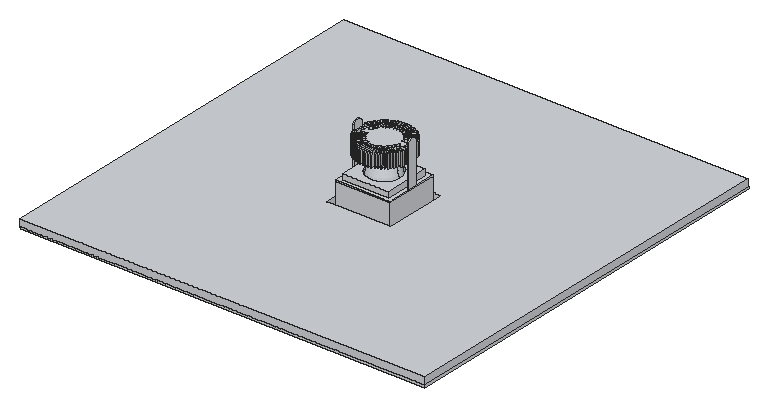
Revit family "Trimless-Square-X80", category Lighting Fixtures, Revit 2014
Parameters (values of type "Trimless Square X80")
  Wattage Comments = "19.5"
  Wattage = 8.3 W
  built-in parameter 1150110 = 1 (stored number, unit not read)
  Type Comments = "Recessed"
  Type = "Recessed Downlighter"
  built-in parameter 1114217 = 1 (stored number, unit not read)
  Tilt Angle = 90.00°
  built-in parameter 1150109 = 1 (stored number, unit not read)
  built-in parameter 1150134 = (empty or 0)
  built-in parameter 1150113 = 1 (stored number, unit not read)
  Photometric Web File = "G2064.ies"
  Dimension (mm) = "80 x 80"
  Model = "Trimless Square X80"
  Manufacturer = "Designed Architectural Lighting"
  Luminous flux of luminaire (lm) = "Up to 2000 lumens"
  Lumens = 1049.95 lm
  built-in parameter 1150115 = 1 (stored number, unit not read)
  built-in parameter 1150105 = 83.552 (stored number, unit not read)
  built-in parameter 1150137 = (empty or 0)
  built-in parameter 1150139 = (empty or 0)
  built-in parameter 1150112 = 1 (stored number, unit not read)
  built-in parameter 1150114 = 1 (stored number, unit not read)
  Lamp = "LED"
  built-in parameter 1150132 = (empty or 0)
  built-in parameter 1150102 = (empty or 0)
  built-in parameter 1150138 = (empty or 0)
  built-in parameter 1150107 = 3000 (stored number, unit not read)
  built-in parameter 1150106 = 0.83552 (stored number, unit not read)
  Height (mm) = "106"
  built-in parameter 1150104 = 11.752 (stored number, unit not read)
  Dimming Lamp Color Temperature Shift = <None>
  Description = "Recessed Trimless LED square downlighter"
  Cut Out (mm) = "95 x 95"
  Colour temperature (K) = "2700 / 3000/ 3500 / 4000"
  Color Filter = 16777215
  CRI = "80"
  built-in parameter 1114218 = 1 (stored number, unit not read)
  built-in parameter 1150133 = 10 (stored number, unit not read)
  Apparent Load = 19.5 VA
  Aperture (mm) = "80 x 80"
Reference planes
  plane 1 "Light Source Axis (F/B)": y = 0
  plane 2: z = 0
  plane 3 "Light Source Axis (L/R)": x = 0
  plane 4 "Light Source Elevation": z = 0
Forms (mm)
  Extrusion 1, solid
    sketch origin (0, 0, 0) x (1, 0, 0) y (0, 1, 0)
      loop
        line (-39.798, 40) -> (-39.798, -40.213) -> (39.884, -40.213) -> (39.884, 40) -> (-39.798, 40)
      loop
        line (-37.877, 38.063) -> (-37.877, -38.256) -> (37.85, -38.256) -> (37.85, 38.063) -> (-37.877, 38.063)
    from 0 to 39.72
  Extrusion 2, solid
    sketch origin (77.864, 1.33, 0) x (1, 0, 0) y (0, 1, 0)
      loop
        line (-40.014, 7.888) -> (-40.014, -5.776) -> (-37.98, -5.776) -> (-37.98, 7.888) -> (-40.014, 7.888)
    from 41.914 to 106.994
  Extrusion 3, void
    sketch origin (0, 2.077, 0.98) x (0, 1, 0) y (0, 0, 1)
      loop
        line (7.756, 98.378) -> (8.702, 98.378) -> (9.094, 105.848) -> (9.094, 107.291) -> (-7.99, 107.291) -> (-7.99, 100.73) -> (-7.36, 98.378)
        arc (-7.36, 98.378) -> (0.198, 105.935) -> (7.756, 98.378) r 7.558
    from 36.907 to 41.154
  Extrusion 4, solid
    sketch origin (-0.079, -0.545, 0) x (1, 0, 0) y (0, 1, 0)
      loop
        line (-39.719, 6.104) -> (-39.719, -7.399) -> (-37.798, -7.399) -> (-37.798, 6.104) -> (-39.719, 6.104)
    from 41.914 to 106.994
  Extrusion 5, void
    sketch origin (-76.006, -1.476, 0.856) x (0, 1, 0) y (0, 0, 1)
      loop
        line (7.756, 98.378) -> (8.122, 100.419) -> (8.122, 107.291) -> (-7.99, 107.291) -> (-7.99, 100.73) -> (-7.36, 98.378)
        arc (-7.36, 98.378) -> (0.198, 105.935) -> (7.756, 98.378) r 7.558
    from 35.2 to 39.278
  Extrusion 6, solid
    sketch origin (-17.5, -62.5, 0) x (1, 0, 0) y (0, 1, 0)
      loop
        line (-282.765, 362.833) -> (-282.765, -237.167) -> (317.235, -237.167) -> (317.235, 362.833) -> (-282.765, 362.833)
      loop
        line (-30.06, 110.675) -> (-30.06, 14.777) -> (64.88, 14.777) -> (64.88, 110.675) -> (-30.06, 110.675)
    from 3.099 to 13.747
  Revolve 7, solid
    sketch origin (0, 0, 0) x (1, 0, 0) y (0, 0, 1)
      loop
        line (24.699, 76.005) -> (0, 76.005) -> (0, 70.593) -> (24.699, 70.593) -> (24.699, 76.005)
      axis (0, 76.005) -> (0, 70.593)
    angle from 0 to 360
  Extrusion 8, solid
    sketch origin (-0.146, 0.745, -0.001) x (0.999137, 0.041546, 0) y (-0.041546, 0.999137, 0)
      loop
        line (8.036, -21.346) -> (9.763, -25.224)
        arc (9.763, -25.224) -> (9.158, -26.377) -> (9.105, -27.677) r 2.965
        line (9.105, -27.677) -> (12.96, -37.219)
        arc (12.96, -37.219) -> (13.673, -37.522) -> (13.976, -36.809) r 0.548
        line (13.976, -36.809) -> (10.23, -27.537)
        arc (10.23, -27.537) -> (10.843, -26.092) -> (12.288, -26.705) r 1.11
        line (12.288, -26.705) -> (16.28, -35.672)
        arc (16.28, -35.672) -> (17.02, -35.956) -> (17.304, -35.216) r 0.56
        line (17.304, -35.216) -> (13.182, -25.959)
        arc (13.182, -25.959) -> (12.31, -24.958) -> (11.028, -24.618) r 2.262
        line (11.028, -24.618) -> (9.403, -20.596) -> (11.989, -19.445) -> (14.463, -22.849)
        arc (14.463, -22.849) -> (14.111, -24.102) -> (14.33, -25.385) r 2.965
        line (14.33, -25.385) -> (20.084, -33.917)
        arc (20.084, -33.917) -> (20.845, -34.065) -> (20.992, -33.305) r 0.548
        line (20.992, -33.305) -> (15.4, -25.014)
        arc (15.4, -25.014) -> (15.7, -23.474) -> (17.241, -23.773) r 1.11
        line (17.241, -23.773) -> (23.009, -31.713)
        arc (23.009, -31.713) -> (23.792, -31.837) -> (23.916, -31.055) r 0.56
        line (23.916, -31.055) -> (17.96, -22.857)
        arc (17.96, -22.857) -> (16.899, -22.059) -> (15.574, -21.994) r 2.262
        line (15.574, -21.994) -> (13.148, -18.397) -> (15.119, -16.427) -> (18.389, -19.585)
        arc (18.389, -19.585) -> (18.26, -20.88) -> (18.699, -22.105) r 2.965
        line (18.699, -22.105) -> (25.847, -29.508)
        arc (25.847, -29.508) -> (26.622, -29.522) -> (26.635, -28.747) r 0.548
        line (26.635, -28.747) -> (19.689, -21.554)
        arc (19.689, -21.554) -> (19.716, -19.985) -> (21.285, -20.012) r 1.11
        line (21.285, -20.012) -> (28.346, -26.83)
        arc (28.346, -26.83) -> (29.138, -26.816) -> (29.124, -26.024) r 0.56
        line (29.124, -26.024) -> (21.835, -18.985)
        arc (21.835, -18.985) -> (20.652, -18.383) -> (19.335, -18.549) r 2.262
        line (19.335, -18.549) -> (16.322, -15.429) -> (18.148, -13.304) -> (21.857, -15.622)
        arc (21.857, -15.622) -> (22.001, -16.916) -> (22.684, -18.023) r 2.965
        line (22.684, -18.023) -> (31.216, -23.778)
        arc (31.216, -23.778) -> (31.976, -23.63) -> (31.828, -22.87) r 0.548
        line (31.828, -22.87) -> (23.538, -17.278)
        arc (23.538, -17.278) -> (23.238, -15.737) -> (24.779, -15.438) r 1.11
        line (24.779, -15.438) -> (33.102, -20.639)
        arc (33.102, -20.639) -> (33.874, -20.461) -> (33.696, -19.689) r 0.56
        line (33.696, -19.689) -> (25.103, -14.319)
        arc (25.103, -14.319) -> (23.821, -13.977) -> (22.567, -14.412) r 2.262
        line (22.567, -14.412) -> (18.971, -11.987) -> (20.87, -9.394) -> (24.954, -10.962)
        arc (24.954, -10.962) -> (25.341, -12.204) -> (26.224, -13.161) r 2.965
        line (26.224, -13.161) -> (35.697, -17.182)
        arc (35.697, -17.182) -> (36.415, -16.892) -> (36.125, -16.174) r 0.548
        line (36.125, -16.174) -> (26.92, -12.267)
        arc (26.92, -12.267) -> (26.332, -10.811) -> (27.787, -10.224) r 1.11
        line (27.787, -10.224) -> (36.95, -13.741)
        arc (36.95, -13.741) -> (37.673, -13.419) -> (37.351, -12.695) r 0.56
        line (37.351, -12.695) -> (27.891, -9.063)
        arc (27.891, -9.063) -> (26.567, -8.972) -> (25.42, -9.639) r 2.262
        line (25.42, -9.639) -> (21.427, -7.944) -> (22.262, -3.209) -> (24.741, -3.209)
        arc (24.741, -3.209) -> (29.592, -5.948) -> (34.984, -7.347) r 21.462
        line (34.984, -7.347) -> (36.065, -8.428) -> (39.133, -8.428) -> (39.133, -7.36) -> (36.601, -7.36) -> (36.601, 7.64) -> (39.186, 7.64) -> (39.186, 8.514) -> (36.351, 8.514) -> (34.984, 7.592) -> (34.984, -2.408)
        arc (34.984, -2.408) -> (34.341, -3.853) -> (32.76, -3.798) r 1.415
        line (32.76, -3.798) -> (31.024, -2.537) -> (31.024, 3.409) -> (22.339, 3.409) -> (21.555, 7.853) -> (25.597, 9.568)
        arc (25.597, 9.568) -> (26.744, 8.901) -> (28.067, 8.992) r 2.262
        line (28.067, 8.992) -> (37.528, 12.624)
        arc (37.528, 12.624) -> (37.85, 13.348) -> (37.126, 13.67) r 0.56
        line (37.126, 13.67) -> (27.963, 10.153)
        arc (27.963, 10.153) -> (26.508, 10.741) -> (27.096, 12.196) r 1.11
        line (27.096, 12.196) -> (36.301, 16.103)
        arc (36.301, 16.103) -> (36.591, 16.821) -> (35.873, 17.111) r 0.548
        line (35.873, 17.111) -> (26.4, 13.09)
        arc (26.4, 13.09) -> (25.518, 12.133) -> (25.13, 10.891) r 2.965
        line (25.13, 10.891) -> (21.047, 9.323) -> (19.147, 11.916) -> (22.744, 14.341)
        arc (22.744, 14.341) -> (23.997, 13.906) -> (25.279, 14.248) r 2.262
        line (25.279, 14.248) -> (33.873, 19.618)
        arc (33.873, 19.618) -> (34.051, 20.39) -> (33.279, 20.568) r 0.56
        line (33.279, 20.568) -> (24.955, 15.367)
        arc (24.955, 15.367) -> (23.415, 15.666) -> (23.714, 17.207) r 1.11
        line (23.714, 17.207) -> (32.005, 22.799)
        arc (32.005, 22.799) -> (32.152, 23.559) -> (31.392, 23.707) r 0.548
        line (31.392, 23.707) -> (22.861, 17.952)
        arc (22.861, 17.952) -> (22.177, 16.845) -> (22.034, 15.551) r 2.965
        line (22.034, 15.551) -> (18.324, 13.233) -> (16.498, 15.358) -> (19.512, 18.478)
        arc (19.512, 18.478) -> (20.828, 18.312) -> (22.011, 18.914) r 2.262
        line (22.011, 18.914) -> (29.3, 25.953)
        arc (29.3, 25.953) -> (29.314, 26.745) -> (28.522, 26.759) r 0.56
        line (28.522, 26.759) -> (21.462, 19.941)
        arc (21.462, 19.941) -> (19.893, 19.914) -> (19.865, 21.483) r 1.11
        line (19.865, 21.483) -> (26.812, 28.676)
        arc (26.812, 28.676) -> (26.798, 29.451) -> (26.024, 29.437) r 0.548
        line (26.024, 29.437) -> (18.875, 22.034)
        arc (18.875, 22.034) -> (18.437, 20.809) -> (18.566, 19.514) r 2.965
        line (18.566, 19.514) -> (15.419, 16.475) -> (13.325, 18.326) -> (15.751, 21.923)
        arc (15.751, 21.923) -> (17.076, 21.988) -> (18.136, 22.786) r 2.262
        line (18.136, 22.786) -> (24.092, 30.984)
        arc (24.092, 30.984) -> (23.969, 31.766) -> (23.186, 31.642) r 0.56
        line (23.186, 31.642) -> (17.417, 23.702)
        arc (17.417, 23.702) -> (15.876, 23.403) -> (15.577, 24.943) r 1.11
        line (15.577, 24.943) -> (21.169, 33.234)
        arc (21.169, 33.234) -> (21.021, 33.994) -> (20.261, 33.846) r 0.548
        line (20.261, 33.846) -> (14.506, 25.315)
        arc (14.506, 25.315) -> (14.287, 24.031) -> (14.639, 22.778) r 2.965
        line (14.639, 22.778) -> (12.068, 19.24) -> (9.579, 20.525) -> (11.204, 24.548)
        arc (11.204, 24.548) -> (12.487, 24.887) -> (13.358, 25.888) r 2.262
        line (13.358, 25.888) -> (17.48, 35.145)
        arc (17.48, 35.145) -> (17.196, 35.885) -> (16.456, 35.601) r 0.56
        line (16.456, 35.601) -> (12.464, 26.634)
        arc (12.464, 26.634) -> (11.02, 26.021) -> (10.406, 27.466) r 1.11
        line (10.406, 27.466) -> (14.152, 36.738)
        arc (14.152, 36.738) -> (13.85, 37.451) -> (13.137, 37.148) r 0.548
        line (13.137, 37.148) -> (9.282, 27.606)
        arc (9.282, 27.606) -> (9.334, 26.306) -> (9.939, 25.153) r 2.965
        line (9.939, 25.153) -> (8.16, 21.157) -> (5.456, 21.949) -> (6.209, 26.222)
        arc (6.209, 26.222) -> (7.393, 26.82) -> (8.038, 27.98) r 2.262
        line (8.038, 27.98) -> (10.144, 37.892)
        arc (10.144, 37.892) -> (9.713, 38.557) -> (9.048, 38.125) r 0.56
        line (9.048, 38.125) -> (7.008, 28.525)
        arc (7.008, 28.525) -> (5.722, 27.625) -> (4.822, 28.91) r 1.11
        line (4.822, 28.91) -> (6.558, 38.758)
        arc (6.558, 38.758) -> (6.114, 39.393) -> (5.48, 38.949) r 0.548
        line (5.48, 38.949) -> (3.693, 28.814)
        arc (3.693, 28.814) -> (4.015, 27.553) -> (4.846, 26.551) r 2.965
        line (4.846, 26.551) -> (3.936, 22.272) -> (0.629, 22.571) -> (0.629, 26.945)
        arc (0.629, 26.945) -> (1.65, 27.752) -> (2.227, 28.919) r 2.965
        line (2.227, 28.919) -> (2.586, 39.204)
        arc (2.586, 39.204) -> (2.058, 39.77) -> (1.492, 39.242) r 0.548
        line (1.492, 39.242) -> (1.143, 29.248)
        arc (1.143, 29.248) -> (-0.005, 28.178) -> (-1.076, 29.325) r 1.11
        line (-1.076, 29.325) -> (-1.076, 39.14)
        arc (-1.076, 39.14) -> (-1.636, 39.7) -> (-2.196, 39.14) r 0.56
        line (-2.196, 39.14) -> (-2.196, 29.007)
        arc (-2.196, 29.007) -> (-1.807, 27.738) -> (-0.773, 26.906) r 2.262
        line (-0.773, 26.906) -> (-0.925, 22.571) -> (-3.664, 22.35) -> (-4.573, 26.629)
        arc (-4.573, 26.629) -> (-3.742, 27.631) -> (-3.42, 28.892) r 2.965
        line (-3.42, 28.892) -> (-5.207, 39.026)
        arc (-5.207, 39.026) -> (-5.842, 39.471) -> (-6.286, 38.836) r 0.548
        line (-6.286, 38.836) -> (-4.55, 28.988)
        arc (-4.55, 28.988) -> (-5.45, 27.703) -> (-6.735, 28.603) r 1.11
        line (-6.735, 28.603) -> (-8.776, 38.203)
        arc (-8.776, 38.203) -> (-9.441, 38.635) -> (-9.872, 37.97) r 0.56
        line (-9.872, 37.97) -> (-7.765, 28.058)
        arc (-7.765, 28.058) -> (-7.121, 26.898) -> (-5.937, 26.3) r 2.262
        line (-5.937, 26.3) -> (-5.184, 22.027) -> (-7.888, 21.235) -> (-9.667, 25.231)
        arc (-9.667, 25.231) -> (-9.062, 26.384) -> (-9.009, 27.684) r 2.965
        line (-9.009, 27.684) -> (-12.864, 37.226)
        arc (-12.864, 37.226) -> (-13.577, 37.529) -> (-13.88, 36.816) r 0.548
        line (-13.88, 36.816) -> (-10.134, 27.544)
        arc (-10.134, 27.544) -> (-10.747, 26.099) -> (-12.192, 26.712) r 1.11
        line (-12.192, 26.712) -> (-16.184, 35.679)
        arc (-16.184, 35.679) -> (-16.924, 35.963) -> (-17.208, 35.223) r 0.56
        line (-17.208, 35.223) -> (-13.086, 25.966)
        arc (-13.086, 25.966) -> (-12.215, 24.965) -> (-10.932, 24.625) r 2.262
        line (-10.932, 24.625) -> (-9.307, 20.603) -> (-11.796, 19.318) -> (-14.367, 22.856)
        arc (-14.367, 22.856) -> (-14.015, 24.109) -> (-14.234, 25.393) r 2.965
        line (-14.234, 25.393) -> (-19.988, 33.924)
        arc (-19.988, 33.924) -> (-20.749, 34.072) -> (-20.897, 33.312) r 0.548
        line (-20.897, 33.312) -> (-15.305, 25.021)
        arc (-15.305, 25.021) -> (-15.604, 23.481) -> (-17.145, 23.78) r 1.11
        line (-17.145, 23.78) -> (-22.914, 31.72)
        arc (-22.914, 31.72) -> (-23.696, 31.844) -> (-23.82, 31.062) r 0.56
        line (-23.82, 31.062) -> (-17.864, 22.864)
        arc (-17.864, 22.864) -> (-16.804, 22.066) -> (-15.478, 22.001) r 2.262
        line (-15.478, 22.001) -> (-13.053, 18.404) -> (-15.147, 16.553) -> (-18.293, 19.592)
        arc (-18.293, 19.592) -> (-18.165, 20.887) -> (-18.603, 22.112) r 2.965
        line (-18.603, 22.112) -> (-25.752, 29.515)
        arc (-25.752, 29.515) -> (-26.526, 29.529) -> (-26.54, 28.754) r 0.548
        line (-26.54, 28.754) -> (-19.593, 21.561)
        arc (-19.593, 21.561) -> (-19.62, 19.992) -> (-21.19, 20.019) r 1.11
        line (-21.19, 20.019) -> (-28.25, 26.837)
        arc (-28.25, 26.837) -> (-29.042, 26.823) -> (-29.028, 26.031) r 0.56
        line (-29.028, 26.031) -> (-21.739, 18.992)
        arc (-21.739, 18.992) -> (-20.556, 18.39) -> (-19.24, 18.556) r 2.262
        line (-19.24, 18.556) -> (-16.226, 15.436) -> (-18.052, 13.311) -> (-21.761, 15.629)
        arc (-21.761, 15.629) -> (-21.905, 16.923) -> (-22.588, 18.03) r 2.965
        line (-22.588, 18.03) -> (-31.12, 23.785)
        arc (-31.12, 23.785) -> (-31.88, 23.637) -> (-31.732, 22.877) r 0.548
        line (-31.732, 22.877) -> (-23.442, 17.285)
        arc (-23.442, 17.285) -> (-23.143, 15.744) -> (-24.683, 15.445) r 1.11
        line (-24.683, 15.445) -> (-33.007, 20.646)
        arc (-33.007, 20.646) -> (-33.779, 20.468) -> (-33.6, 19.696) r 0.56
        line (-33.6, 19.696) -> (-25.007, 14.326)
        arc (-25.007, 14.326) -> (-23.725, 13.984) -> (-22.472, 14.419) r 2.262
        line (-22.472, 14.419) -> (-18.979, 12.063) -> (-20.774, 9.401) -> (-24.858, 10.969)
        arc (-24.858, 10.969) -> (-25.245, 12.211) -> (-26.128, 13.168) r 2.965
        line (-26.128, 13.168) -> (-35.601, 17.189)
        arc (-35.601, 17.189) -> (-36.319, 16.899) -> (-36.029, 16.181) r 0.548
        line (-36.029, 16.181) -> (-26.824, 12.274)
        arc (-26.824, 12.274) -> (-26.236, 10.819) -> (-27.691, 10.231) r 1.11
        line (-27.691, 10.231) -> (-36.854, 13.748)
        arc (-36.854, 13.748) -> (-37.578, 13.426) -> (-37.255, 12.702) r 0.56
        line (-37.255, 12.702) -> (-27.795, 9.07)
        arc (-27.795, 9.07) -> (-26.471, 8.979) -> (-25.324, 9.646) r 2.262
        line (-25.324, 9.646) -> (-21.289, 7.933) -> (-22.142, 3.096) -> (-24.544, 3.096)
        arc (-24.544, 3.096) -> (-29.395, 5.836) -> (-34.788, 7.235) r 21.462
        line (-34.788, 7.235) -> (-35.869, 8.316) -> (-38.936, 8.316) -> (-38.936, 7.247) -> (-36.404, 7.247) -> (-36.404, -7.753) -> (-38.989, -7.753) -> (-38.989, -8.626) -> (-36.154, -8.626) -> (-34.788, -7.705) -> (-34.788, 2.295)
        arc (-34.788, 2.295) -> (-34.144, 3.741) -> (-32.563, 3.686) r 1.415
        line (-32.563, 3.686) -> (-30.827, 2.424) -> (-30.827, -3.521) -> (-22.142, -3.521) -> (-21.155, -7.866) -> (-25.148, -9.561)
        arc (-25.148, -9.561) -> (-26.295, -8.894) -> (-27.619, -8.985) r 2.262
        line (-27.619, -8.985) -> (-37.079, -12.617)
        arc (-37.079, -12.617) -> (-37.401, -13.341) -> (-36.677, -13.663) r 0.56
        line (-36.677, -13.663) -> (-27.514, -10.146)
        arc (-27.514, -10.146) -> (-26.059, -10.734) -> (-26.647, -12.189) r 1.11
        line (-26.647, -12.189) -> (-35.852, -16.096)
        arc (-35.852, -16.096) -> (-36.142, -16.814) -> (-35.424, -17.104) r 0.548
        line (-35.424, -17.104) -> (-25.951, -13.083)
        arc (-25.951, -13.083) -> (-25.069, -12.126) -> (-24.681, -10.884) r 2.965
        line (-24.681, -10.884) -> (-20.598, -9.316) -> (-18.802, -11.978) -> (-22.295, -14.334)
        arc (-22.295, -14.334) -> (-23.548, -13.899) -> (-24.83, -14.241) r 2.262
        line (-24.83, -14.241) -> (-33.424, -19.611)
        arc (-33.424, -19.611) -> (-33.602, -20.383) -> (-32.83, -20.561) r 0.56
        line (-32.83, -20.561) -> (-24.507, -15.36)
        arc (-24.507, -15.36) -> (-22.966, -15.659) -> (-23.266, -17.2) r 1.11
        line (-23.266, -17.2) -> (-31.556, -22.792)
        arc (-31.556, -22.792) -> (-31.704, -23.552) -> (-30.943, -23.7) r 0.548
        line (-30.943, -23.7) -> (-22.412, -17.945)
        arc (-22.412, -17.945) -> (-21.728, -16.838) -> (-21.585, -15.544) r 2.965
        line (-21.585, -15.544) -> (-17.876, -13.226) -> (-16.05, -15.351) -> (-19.063, -18.471)
        arc (-19.063, -18.471) -> (-20.38, -18.305) -> (-21.562, -18.907) r 2.262
        line (-21.562, -18.907) -> (-28.852, -25.946)
        arc (-28.852, -25.946) -> (-28.866, -26.738) -> (-28.073, -26.752) r 0.56
        line (-28.073, -26.752) -> (-21.013, -19.934)
        arc (-21.013, -19.934) -> (-19.444, -19.907) -> (-19.417, -21.476) r 1.11
        line (-19.417, -21.476) -> (-26.363, -28.669)
        arc (-26.363, -28.669) -> (-26.35, -29.444) -> (-25.575, -29.43) r 0.548
        line (-25.575, -29.43) -> (-18.426, -22.027)
        arc (-18.426, -22.027) -> (-17.988, -20.802) -> (-18.117, -19.507) r 2.965
        line (-18.117, -19.507) -> (-14.971, -16.468) -> (-12.876, -18.319) -> (-15.302, -21.916)
        arc (-15.302, -21.916) -> (-16.627, -21.981) -> (-17.688, -22.779) r 2.262
        line (-17.688, -22.779) -> (-23.644, -30.977)
        arc (-23.644, -30.977) -> (-23.52, -31.759) -> (-22.737, -31.635) r 0.56
        line (-22.737, -31.635) -> (-16.968, -23.695)
        arc (-16.968, -23.695) -> (-15.428, -23.396) -> (-15.128, -24.936) r 1.11
        line (-15.128, -24.936) -> (-20.72, -33.227)
        arc (-20.72, -33.227) -> (-20.572, -33.987) -> (-19.812, -33.839) r 0.548
        line (-19.812, -33.839) -> (-14.057, -25.308)
        arc (-14.057, -25.308) -> (-13.838, -24.024) -> (-14.19, -22.771) r 2.965
        line (-14.19, -22.771) -> (-11.619, -19.233) -> (-9.13, -20.518) -> (-10.756, -24.541)
        arc (-10.756, -24.541) -> (-12.038, -24.88) -> (-12.91, -25.881) r 2.262
        line (-12.91, -25.881) -> (-17.031, -35.138)
        arc (-17.031, -35.138) -> (-16.747, -35.878) -> (-16.008, -35.594) r 0.56
        line (-16.008, -35.594) -> (-12.016, -26.627)
        arc (-12.016, -26.627) -> (-10.571, -26.014) -> (-9.958, -27.459) r 1.11
        line (-9.958, -27.459) -> (-13.704, -36.731)
        arc (-13.704, -36.731) -> (-13.401, -37.444) -> (-12.688, -37.141) r 0.548
        line (-12.688, -37.141) -> (-8.833, -27.599)
        arc (-8.833, -27.599) -> (-8.886, -26.299) -> (-9.49, -25.146) r 2.965
        line (-9.49, -25.146) -> (-7.711, -21.15) -> (-5.621, -22.23) -> (-6.224, -26.518)
        arc (-6.224, -26.518) -> (-7.386, -27.158) -> (-7.99, -28.34) r 2.262
        line (-7.99, -28.34) -> (-9.749, -38.319)
        arc (-9.749, -38.319) -> (-9.295, -38.968) -> (-8.646, -38.514) r 0.56
        line (-8.646, -38.514) -> (-6.942, -28.848)
        arc (-6.942, -28.848) -> (-5.688, -27.904) -> (-4.744, -29.157) r 1.11
        line (-4.744, -29.157) -> (-6.135, -39.06)
        arc (-6.135, -39.06) -> (-5.669, -39.678) -> (-5.051, -39.212) r 0.548
        line (-5.051, -39.212) -> (-3.618, -29.021)
        arc (-3.618, -29.021) -> (-3.984, -27.772) -> (-4.85, -26.8) r 2.965
        line (-4.85, -26.8) -> (-4.09, -22.492) -> (-0.819, -23.069) -> (-0.666, -27.446)
        arc (-0.666, -27.446) -> (-1.7, -28.278) -> (-2.089, -29.546) r 2.262
        line (-2.089, -29.546) -> (-2.089, -39.679)
        arc (-2.089, -39.679) -> (-1.529, -40.24) -> (-0.968, -39.679) r 0.56
        line (-0.968, -39.679) -> (-0.968, -29.865)
        arc (-0.968, -29.865) -> (0.102, -28.717) -> (1.25, -29.787) r 1.11
        line (1.25, -29.787) -> (1.599, -39.781)
        arc (1.599, -39.781) -> (2.165, -40.309) -> (2.694, -39.743) r 0.548
        line (2.694, -39.743) -> (2.334, -29.458)
        arc (2.334, -29.458) -> (1.757, -28.291) -> (0.736, -27.484) r 2.965
        line (0.736, -27.484) -> (0.736, -23.11) -> (4.345, -22.474) -> (5.122, -26.878)
        arc (5.122, -26.878) -> (4.256, -27.85) -> (3.891, -29.099) r 2.965
        line (3.891, -29.099) -> (5.323, -39.29)
        arc (5.323, -39.29) -> (5.941, -39.756) -> (6.408, -39.138) r 0.548
        line (6.408, -39.138) -> (5.016, -29.235)
        arc (5.016, -29.235) -> (5.96, -27.981) -> (7.214, -28.926) r 1.11
        line (7.214, -28.926) -> (8.918, -38.592)
        arc (8.918, -38.592) -> (9.567, -39.046) -> (10.022, -38.397) r 0.56
        line (10.022, -38.397) -> (8.262, -28.418)
        arc (8.262, -28.418) -> (7.658, -27.236) -> (6.496, -26.596) r 2.262
        line (6.496, -26.596) -> (5.892, -22.3) -> (8.036, -21.346)
    from 75.888 to 95.678
  Revolve 9, solid
    sketch origin (0, 0, 0) x (1, 0, 0) y (0, 0, 1)
      loop
        line (22.65, 70.593) -> (10.346, 70.593)
        arc (10.346, 70.593) -> (17.966, 56.504) -> (22.272, 41.075) r 71.759
        line (22.272, 41.075) -> (24.846, 41.075) -> (24.846, 43.229) -> (23.567, 43.229)
        arc (23.567, 43.229) -> (20.094, 56.639) -> (13.702, 68.928) r 61.36
        line (13.702, 68.928) -> (22.65, 68.928) -> (22.65, 70.593)
      axis (0, 70.593) -> (0, 41.075)
    angle from 0 to 360
  Extrusion 10, solid
    sketch origin (-17.235, -62.5, 0) x (1, 0, 0) y (0, 1, 0)
      loop
        line (-282.765, 362.833) -> (-282.765, -237.167) -> (317.235, -237.167) -> (317.235, 362.833) -> (-282.765, 362.833)
      loop
        line (-22.563, 102.5) -> (-22.563, 22.287) -> (57.119, 22.287) -> (57.119, 102.5) -> (-22.563, 102.5)
    from 0 to 3.099
  Extrusion 11, solid
    sketch origin (0, 0, 0) x (1, 0, 0) y (0, 1, 0)
      loop
        line (-40.116, 40) -> (-40.116, -40) -> (39.884, -40) -> (39.884, 40) -> (-40.116, 40)
      loop
        circle (0, 0) r 25
    from 39.72 to 41.914
  Extrusion 12, solid
    sketch origin (0, 0, 0) x (1, 0, 0) y (0, 1, 0)
      loop
        line (-34.053, 33.78) -> (-34.053, -33.718) -> (33.915, -33.718) -> (33.915, 33.78) -> (-34.053, 33.78)
      loop
        circle (0, 0) r 25
    from 41.914 to 50.168
Cuts and joins
  Extrusion 3, Extrusion 5 cuts Extrusion 2
  Extrusion 5 cuts Extrusion 4
Dimensions and locks
  aligned and locked: plane 3 "Light Source Axis (L/R)" to imposter light
  aligned and locked: plane 1 "Light Source Axis (F/B)" to imposter light
  aligned and locked: plane 4 "Light Source Elevation" to imposter light
  aligned and locked: level to plane 2
